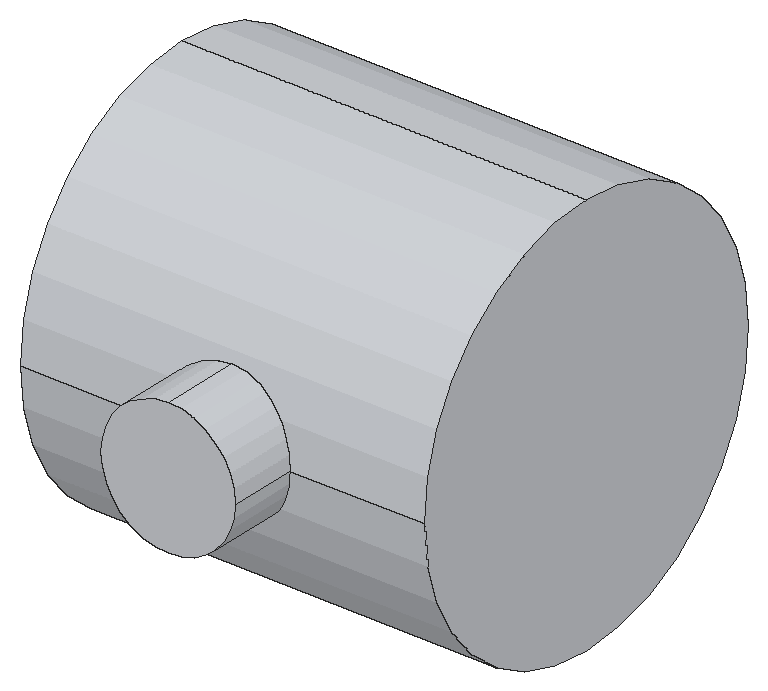
Revit family "RU T-Stück straight", category Luftkanalformteile, Revit 2016
Family settings
  Teiletyp = T-Stück
  Bemaßung runder Anschluss = Radius verwenden
  Arbeitsebenenbasiert = Nein
  Immer vertikal = Ja
  Beim Laden mit Abzugskörper schneiden = Nein
  Gemeinsam genutzt = Nein
Parameters (values of type "Allgemein")
  r3 [instance] = 50 mm
  r2 [instance] = r1  # 150 mm
  r1 [instance] = 150 mm
  l4 [instance] = if(not(alpha < 90.00°), abs(l3) * 0.5, r1 / tan(alpha) + r3 / sin(alpha))  # 246.125 mm
  l3 [instance] = if(l = 0 mm, 1.1045 * Max. d1d2d3 + 160.9 mm, l)  # 492.25 mm
  l [instance] = 0 mm
  alpha [instance] = 90.00°
  Länge l3 [instance] = r3 / 2  # 25 mm
  Länge 2 [instance] = r2  # 150 mm
  Länge 1 [instance] = r1  # 150 mm
  Länge 3 [instance] = r1 + r3  # 200 mm
  d3 [instance] = 2 * r3  # 100 mm
  d2 [instance] = 2 * r2  # 300 mm
  d13 [instance] = if(d1 < d3, d1, d3)  # 100 mm
  Min. d1d2d3 [instance] = if(d13 < d2, d13, d2)  # 100 mm
  Max. d1d2d3 [instance] = if(d12 > d3, d12, d3)  # 300 mm
  d1 [instance] = 2 * r1  # 300 mm
  d12 [instance] = if(d1 > d2, d1, d2)  # 300 mm
  Länge r3 [instance] = if(alpha < 90.00°, r3 / tan(alpha / 2), r3 / tan((180.00° - alpha) / 2))  # 50 mm
  Länge r2 [instance] = r2 / tan(alpha / 2)  # 150 mm
  Länge r1 [instance] = r1 / tan(((180.00° - alpha) / 2))  # 150 mm
  Abschätzung 4 [instance] = if(Abschätzung 2 > l4, Abschätzung 2, (l4) * 1.15)  # 492.25 mm
  Abschätzung 3 [instance] = if(Länge r3 > l3, Länge r3, l3)  # 492.25 mm
  Abschätzung 2 [instance] = if(Länge r2 > l3, Länge r2, l3)  # 492.25 mm
  Abschätzung 1 [instance] = if(Länge r1 > l3, Länge r1, l3)  # 492.25 mm
Reference planes
  plane 1 "Mitte (vorne/hinten)": y = 0
  plane 2: z = 0
  plane 3 "Mitte (links/rechts)": x = 0
  plane 4: x = -150
  plane 5: x = 150
Forms (mm)
  Sweep 1, solid, detail levels medium+fine
    path origin (0, 0, 0) x (1, 0, 0) y (0, 1, 0)
      loop
        line (-150, 0) -> (150, 0)
    profile "Luftkanal - rund : Luftkanal - rund 1" origin (0, 0, 0) x (0, 1, 0) y (0, 0, 1)
      loop
        arc (-150, 0) -> (-106.066, -106.066) -> (0, -150) r 150
        arc (0, -150) -> (106.066, -106.066) -> (150, 0) r 150
        arc (150, 0) -> (106.066, 106.066) -> (0, 150) r 150
        arc (0, 150) -> (-106.066, 106.066) -> (-150, 0) r 150
  Sweep 2, solid, detail levels medium+fine
    path in 3D
      loop
        line (0, 0, 0) -> (0, -200, 0)
    profile "Luftkanal - rund : Luftkanal - rund 3" origin (0, -100, 0) x (1, 0, 0) y (0, 0, 1)
      loop
        arc (-50, 0) -> (-35.355, -35.355) -> (0, -50) r 50
        arc (0, -50) -> (35.355, -35.355) -> (50, 0) r 50
        arc (50, 0) -> (35.355, 35.355) -> (0, 50) r 50
        arc (0, 50) -> (-35.355, 35.355) -> (-50, 0) r 50
Cuts and joins
  joined: Sweep 1, Sweep 2
Lines and regions (mm)
  model lines, detail levels coarse
    curve 1: line (-250, 0, 0) -> (-240, 0, 0)
    curve 2: line (-240, 0, 0) -> (150, 0, 0)
    curve 3: line (150, 0, 0) -> (396.125, 0, 0)
    curve 6: line (0, 0, 0) -> (0, -200, 0)
  reference lines
    curve 4: line (0, 0, 0) -> (0, -200, 0)
    curve 5: line (0, -200, 0) -> (0, -190, 0)
    curve 7: line (100, -200, 0) -> (100, -205, 0)
    curve 8: line (-100, -200, 0) -> (-100, -205, 0)
  sketch lines
    curve 9: line (0, 0, 0) -> (0, -200, 0)
Dimensions and locks
  "Länge 3": curve 4 to curve 4
  "Länge 2": plane 3 "Mitte (links/rechts)" to plane 5
  "Länge 1": plane 4 to plane 3 "Mitte (links/rechts)"
  "alpha": angle curve 4 to plane 1 "Mitte (vorne/hinten)"
  aligned and locked: plane 1 "Mitte (vorne/hinten)" to curve 1
  aligned and locked: plane 1 "Mitte (vorne/hinten)" to curve 2
  aligned and locked: plane 5 to curve 2
  aligned and locked: plane 1 "Mitte (vorne/hinten)" to Sweep 1 sketch curve
  aligned and locked: plane 4 to Sweep 1 sketch curve
  aligned and locked: plane 5 to Sweep 1 sketch curve
  aligned and locked: plane 1 "Mitte (vorne/hinten)" to curve 4
  aligned and locked: plane 3 "Mitte (links/rechts)" to curve 4
Automatic sketch dimensions
  curve 5 to curve 4 = 0 mm  (x2)
  curve 8 to curve 8 = 5 mm
  curve 7 to curve 7 = 5 mm
  curve 6 to curve 4 = 0 mm  (x3)
  curve 8 to curve 4 = 100 mm
  curve 4 to curve 7 = 100 mm
  curve 1 to curve 2 = 10 mm
  curve 5 to curve 4 = 10 mm
  curve 4 to curve 7 = 0 mm
  curve 8 to curve 4 = 0 mm
  curve 1 to plane 4 = 90 mm
  curve 2 to curve 3 = 246.125 mm
Connectors
  hvac at (-150, 0, 0), driven by "r1"
    settings: on cut or joined group of Sweep 1, Sweep 2, index 1, duct flow 0.0 L/s, flow factor 0, pres drop 0.0 Pa, loss coef 0, conn angle 0.00°, conn width 304.8 mm, conn height 304.8 mm, conn diameter 300 mm, duct sys type 28, conn prof type 0, flow config 0, flow direction 0, loss method 0, conn ref index 4, conn util no, is conn primary yes, conn desc ""
  hvac at (0, -200, 0), driven by "r3", driven by "alpha"
    settings: on cut or joined group of Sweep 1, Sweep 2, index 3, duct flow 0.0 L/s, flow factor 0, pres drop 0.0 Pa, loss coef 0, conn angle 90.00°, conn width 304.8 mm, conn height 304.8 mm, conn diameter 100 mm, duct sys type 28, conn prof type 0, flow config 0, flow direction 0, loss method 0, conn ref index -1, conn util no, is conn primary no, conn desc ""
  hvac at (150, 0, 0), driven by "r2"
    settings: on cut or joined group of Sweep 1, Sweep 2, index 4, duct flow 0.0 L/s, flow factor 0, pres drop 0.0 Pa, loss coef 0, conn angle 0.00°, conn width 304.8 mm, conn height 304.8 mm, conn diameter 300 mm, duct sys type 28, conn prof type 0, flow config 0, flow direction 0, loss method 0, conn ref index 1, conn util no, is conn primary no, conn desc ""
